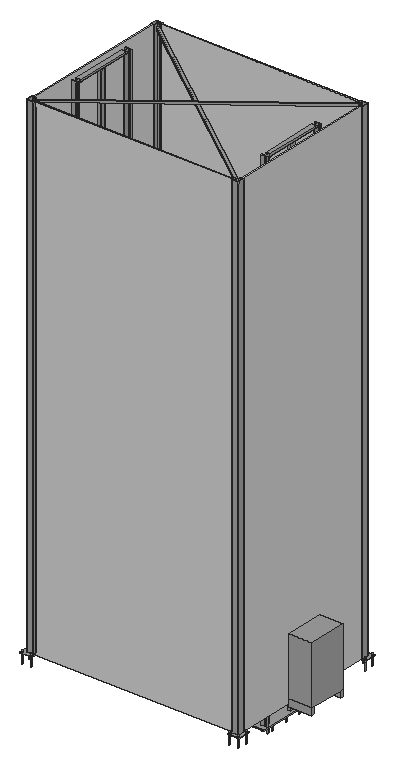
Revit family "1SE_Trez_TC_2C_T_2500_With_Pit", category Specialty Equipment, Revit 2019
Family settings
  Round Connector Dimension = Use Diameter
  Part Type = Normal
  Work Plane-Based = No
  Always vertical = Yes
  Cut with Voids When Loaded = Yes
  Shared = No
  Room Calculation Point = No
Parameters (values of type "Platform-2300x2300mm with Door Height 2500mm")
  Safe Working Load = 2500.00 kg  # constant formula
  Safe Space = if(Cabin or Platform = Cabin, 900.0 mm, if(and(Cabin or Platform = Platform, Door Clear Height > 1900.0 mm), 600.0 mm, 0.0 mm))  # 600.0 mm
  Platform = Speciality_Equipment_Trez_Platform : Platform
  Door Clear Width = Clear Width  # 2300.0 mm
  Door Clear Height = 2500.0 mm
  Clear Width = 2300.0 mm
  URL = "https://trez.bg/en/products/goods-only-lift-tc/tc-2ct-two-cylinders-and-tower/"
  Tower Width = Real Width + 2 * Clearance  # 3250.0 mm
  Tower Depth = Real Depth + 180.0 mm  # 2480.0 mm
  Tower Cladding Material = TREZ_Steel_Cladding
  Real Width = if(Clear Width < 1300.0 mm, 1300.0 mm, if(Clear Width > 2300.0 mm, 2300.0 mm, Clear Width))  # 2300.0 mm
  Real Depth = if(Clear Depth < 1300.0 mm, 1300.0 mm, if(Clear Depth > 2300.0 mm, 2300.0 mm, Clear Depth))  # 2300.0 mm
  Profiles Material = TREZ_Steel_Profiles
  Platform Material = TREZ_Steel_Platform
  Pit Height = 250.0 mm  # constant formula
  Travel = 4500.0 mm
  Rail Height = Travel + Pit Height + Headroom  # 7850.0 mm
  Model = "TC 2C T 2500"
  Manufacturer = "TREZ Ltd."
  Headroom = Door Clear Height + Safe Space  # 3100.0 mm
  Description = "Trez Compact 2 Cylinders Tower. Goods only lift."  # constant formula
  Clear Depth = 2300.0 mm
  Created By URL = "https://all1studio.com/"
  Created By = "All 1 Studio Ltd."
  Clearance = 475.0 mm  # constant formula
  Cabin or Platform Back = yes
  Cabin or Platform = Speciality_Equipment_Trez_Platform : Platform
  Cabin = Speciality_Equipment_Trez_Cabin : Cabin
Reference planes
  plane 1 "Center (Front/Back)": y = 0
  plane 2: z = 0
  plane 3 "Center (Left/Right)": x = 0
  plane 4: x = -1150
  plane 5: x = 1150
  plane 6: y = 1150
  plane 7: y = -1150
  plane 8: x = 1625
  plane 9: y = 1260
  plane 10: x = -1625
  plane 11: y = -1220
  plane 12: x = 1570
  plane 13: x = -1570
  plane 14: y = 1205
  plane 15: y = -1165
  plane 16: z = 4500
  plane 17 "Top of Lift": z = 7600
  plane 18 "Pit": z = -250
  plane 19: x = -1578.5
  plane 20: x = 1578.5
  plane 21: x = 1835
  plane 22: x = -1609.032
  plane 23: x = -1591.032
  plane 24: y = 1244
  plane 25: y = 1226
  plane 26: x = 1609
  plane 27: x = 1591
  plane 28: y = -1204
  plane 29: y = -1186
  plane 30: x = -1685
  plane 31: y = 1320
  plane 32: x = 1685
  plane 33: y = -1280
  plane 34: x = -1438.5
  plane 35: x = 1438.5
  plane 36: z = 7540
  plane 37: z = 40
  plane 38: z = -145
Forms (mm)
  Extrusion 1, solid, material "TREZ_Steel_Cladding" <- "Tower Cladding Material", detail levels coarse+medium
    sketch origin (0, 0, 0) x (1, 0, 0) y (0, 1, 0)
      loop
        line (-1625, 1260) -> (-1625, 1155) -> (-1609.032, 1155) -> (-1609.032, -1115) -> (-1625, -1115) -> (-1625, -1220) -> (-1520, -1220) -> (-1520, -1204) -> (1520, -1204) -> (1520, -1220) -> (1625, -1220) -> (1625, -1115) -> (1609, -1115) -> (1609, 1155) -> (1625, 1155) -> (1625, 1260) -> (1520, 1260) -> (1520, 1244) -> (-1520, 1244) -> (-1520, 1260) -> (-1625, 1260)
      loop
        line (-1570, 1205) -> (-1570, 1155) -> (-1591.032, 1155) -> (-1591.032, -1115) -> (-1570, -1115) -> (-1570, -1165) -> (-1520, -1165) -> (-1520, -1186) -> (1520, -1186) -> (1520, -1165) -> (1570, -1165) -> (1570, -1115) -> (1591, -1115) -> (1591, 1155) -> (1570, 1155) -> (1570, 1205) -> (1520, 1205) -> (1520, 1226) -> (-1520, 1226) -> (-1520, 1205) -> (-1570, 1205)
    from 0 to 7600
  Extrusion 2, void
    sketch origin (0, 0, 0) x (1, 0, 0) y (0, 1, 0)
      loop
        line (-1578.5, 1205) -> (-1578.5, -1165) -> (1578.5, -1165) -> (1578.5, 1205) -> (-1578.5, 1205)
    from 0 to -250
  Extrusion 3, solid, material "TREZ_Steel_Profiles" <- "Profiles Material", detail levels fine
    sketch origin (0, 0, 0) x (1, 0, 0) y (0, 1, 0)
      loop
        line (-1625, 1253) -> (-1625, 1162)
        arc (-1625, 1162) -> (-1622.95, 1157.05) -> (-1618, 1155) r 7
        line (-1618, 1155) -> (-1577, 1155)
        arc (-1577, 1155) -> (-1572.05, 1157.05) -> (-1570, 1162) r 7
        line (-1570, 1162) -> (-1570, 1198)
        arc (-1570, 1198) -> (-1567.95, 1202.95) -> (-1563, 1205) r 7
        line (-1563, 1205) -> (-1527, 1205)
        arc (-1527, 1205) -> (-1522.05, 1207.05) -> (-1520, 1212) r 7
        line (-1520, 1212) -> (-1520, 1253)
        arc (-1520, 1253) -> (-1522.05, 1257.95) -> (-1527, 1260) r 7
        line (-1527, 1260) -> (-1618, 1260)
        arc (-1618, 1260) -> (-1622.95, 1257.95) -> (-1625, 1253) r 7
      loop
        line (1618, 1260) -> (1527, 1260)
        arc (1527, 1260) -> (1522.05, 1257.95) -> (1520, 1253) r 7
        line (1520, 1253) -> (1520, 1212)
        arc (1520, 1212) -> (1522.05, 1207.05) -> (1527, 1205) r 7
        line (1527, 1205) -> (1563, 1205)
        arc (1563, 1205) -> (1567.95, 1202.95) -> (1570, 1198) r 7
        line (1570, 1198) -> (1570, 1162)
        arc (1570, 1162) -> (1572.05, 1157.05) -> (1577, 1155) r 7
        line (1577, 1155) -> (1618, 1155)
        arc (1618, 1155) -> (1622.95, 1157.05) -> (1625, 1162) r 7
        line (1625, 1162) -> (1625, 1253)
        arc (1625, 1253) -> (1622.95, 1257.95) -> (1618, 1260) r 7
      loop
        arc (-1625, -1213) -> (-1622.95, -1217.95) -> (-1618, -1220) r 7
        line (-1618, -1220) -> (-1527, -1220)
        arc (-1527, -1220) -> (-1522.05, -1217.95) -> (-1520, -1213) r 7
        line (-1520, -1213) -> (-1520, -1172)
        arc (-1520, -1172) -> (-1522.05, -1167.05) -> (-1527, -1165) r 7
        line (-1527, -1165) -> (-1563, -1165)
        arc (-1563, -1165) -> (-1567.95, -1162.95) -> (-1570, -1158) r 7
        line (-1570, -1158) -> (-1570, -1122)
        arc (-1570, -1122) -> (-1572.05, -1117.05) -> (-1577, -1115) r 7
        line (-1577, -1115) -> (-1618, -1115)
        arc (-1618, -1115) -> (-1622.95, -1117.05) -> (-1625, -1122) r 7
        line (-1625, -1122) -> (-1625, -1213)
      loop
        arc (1618, -1220) -> (1622.95, -1217.95) -> (1625, -1213) r 7
        line (1625, -1213) -> (1625, -1122)
        arc (1625, -1122) -> (1622.95, -1117.05) -> (1618, -1115) r 7
        line (1618, -1115) -> (1577, -1115)
        arc (1577, -1115) -> (1572.05, -1117.05) -> (1570, -1122) r 7
        line (1570, -1122) -> (1570, -1158)
        arc (1570, -1158) -> (1567.95, -1162.95) -> (1563, -1165) r 7
        line (1563, -1165) -> (1527, -1165)
        arc (1527, -1165) -> (1522.05, -1167.05) -> (1520, -1172) r 7
        line (1520, -1172) -> (1520, -1213)
        arc (1520, -1213) -> (1522.05, -1217.95) -> (1527, -1220) r 7
        line (1527, -1220) -> (1618, -1220)
      loop
        arc (-1523, 1253) -> (-1524.172, 1255.828) -> (-1527, 1257) r 4
        line (-1527, 1257) -> (-1618, 1257)
        arc (-1618, 1257) -> (-1620.828, 1255.828) -> (-1622, 1253) r 4
        line (-1622, 1253) -> (-1622, 1162)
        arc (-1622, 1162) -> (-1620.828, 1159.172) -> (-1618, 1158) r 4
        line (-1618, 1158) -> (-1577, 1158)
        arc (-1577, 1158) -> (-1574.172, 1159.172) -> (-1573, 1162) r 4
        line (-1573, 1162) -> (-1573, 1198)
        arc (-1573, 1198) -> (-1570.071, 1205.071) -> (-1563, 1208) r 10
        line (-1563, 1208) -> (-1527, 1208)
        arc (-1527, 1208) -> (-1524.172, 1209.172) -> (-1523, 1212) r 4
        line (-1523, 1212) -> (-1523, 1253)
      loop
        line (-1523, -1213) -> (-1523, -1172)
        arc (-1523, -1172) -> (-1524.172, -1169.172) -> (-1527, -1168) r 4
        line (-1527, -1168) -> (-1563, -1168)
        arc (-1563, -1168) -> (-1570.071, -1165.071) -> (-1573, -1158) r 10
        line (-1573, -1158) -> (-1573, -1122)
        arc (-1573, -1122) -> (-1574.172, -1119.172) -> (-1577, -1118) r 4
        line (-1577, -1118) -> (-1618, -1118)
        arc (-1618, -1118) -> (-1620.828, -1119.172) -> (-1622, -1122) r 4
        line (-1622, -1122) -> (-1622, -1213)
        arc (-1622, -1213) -> (-1620.828, -1215.828) -> (-1618, -1217) r 4
        line (-1618, -1217) -> (-1527, -1217)
        arc (-1527, -1217) -> (-1524.172, -1215.828) -> (-1523, -1213) r 4
      loop
        line (1622, -1213) -> (1622, -1122)
        arc (1622, -1122) -> (1620.828, -1119.172) -> (1618, -1118) r 4
        line (1618, -1118) -> (1577, -1118)
        arc (1577, -1118) -> (1574.172, -1119.172) -> (1573, -1122) r 4
        line (1573, -1122) -> (1573, -1158)
        arc (1573, -1158) -> (1570.071, -1165.071) -> (1563, -1168) r 10
        line (1563, -1168) -> (1527, -1168)
        arc (1527, -1168) -> (1524.172, -1169.172) -> (1523, -1172) r 4
        line (1523, -1172) -> (1523, -1213)
        arc (1523, -1213) -> (1524.172, -1215.828) -> (1527, -1217) r 4
        line (1527, -1217) -> (1618, -1217)
        arc (1618, -1217) -> (1620.828, -1215.828) -> (1622, -1213) r 4
      loop
        arc (1622, 1253) -> (1620.828, 1255.828) -> (1618, 1257) r 4
        line (1618, 1257) -> (1527, 1257)
        arc (1527, 1257) -> (1524.172, 1255.828) -> (1523, 1253) r 4
        line (1523, 1253) -> (1523, 1212)
        arc (1523, 1212) -> (1524.172, 1209.172) -> (1527, 1208) r 4
        line (1527, 1208) -> (1563, 1208)
        arc (1563, 1208) -> (1570.071, 1205.071) -> (1573, 1198) r 10
        line (1573, 1198) -> (1573, 1162)
        arc (1573, 1162) -> (1574.172, 1159.172) -> (1577, 1158) r 4
        line (1577, 1158) -> (1618, 1158)
        arc (1618, 1158) -> (1620.828, 1159.172) -> (1622, 1162) r 4
        line (1622, 1162) -> (1622, 1253)
    from 5 to 7600
  Extrusion 4, solid, material "TREZ_Steel_Cladding" <- "Tower Cladding Material", detail levels fine
    sketch origin (0, 0, 0) x (1, 0, 0) y (0, 1, 0)
      loop
        line (1609, 1155) -> (1591, 1155) -> (1591, -1115) -> (1609, -1115) -> (1609, 1155)
      loop
        line (1520, 1244) -> (-1520, 1244) -> (-1520, 1226) -> (1520, 1226) -> (1520, 1244)
      loop
        line (1520, -1186) -> (-1520, -1186) -> (-1520, -1204) -> (1520, -1204) -> (1520, -1186)
      loop
        line (-1591.032, -1115) -> (-1591.032, 1155) -> (-1609.032, 1155) -> (-1609.032, -1115) -> (-1591.032, -1115)
    from 0 to 7600
  Extrusion 5, solid, material "TREZ_Steel_Profiles" <- "Profiles Material", detail levels fine
    sketch origin (0, 0, 0) x (1, 0, 0) y (0, 1, 0)
      loop
        arc (1507, 1320) -> (1502.05, 1317.95) -> (1500, 1313) r 7
        line (1500, 1313) -> (1500, 1260) -> (1520, 1260) -> (1520, 1205) -> (1570, 1205) -> (1570, 1155) -> (1625, 1155) -> (1625, 1135) -> (1678, 1135)
        arc (1678, 1135) -> (1682.95, 1137.05) -> (1685, 1142) r 7
        line (1685, 1142) -> (1685, 1313)
        arc (1685, 1313) -> (1682.95, 1317.95) -> (1678, 1320) r 7
        line (1678, 1320) -> (1507, 1320)
      loop
        line (-1507, 1320) -> (-1678, 1320)
        arc (-1678, 1320) -> (-1682.95, 1317.95) -> (-1685, 1313) r 7
        line (-1685, 1313) -> (-1685, 1142)
        arc (-1685, 1142) -> (-1682.95, 1137.05) -> (-1678, 1135) r 7
        line (-1678, 1135) -> (-1625, 1135) -> (-1625, 1155) -> (-1570, 1155) -> (-1570, 1205) -> (-1520, 1205) -> (-1520, 1260) -> (-1500, 1260) -> (-1500, 1313)
        arc (-1500, 1313) -> (-1502.05, 1317.95) -> (-1507, 1320) r 7
      loop
        line (1507, -1280) -> (1678, -1280)
        arc (1678, -1280) -> (1682.95, -1277.95) -> (1685, -1273) r 7
        line (1685, -1273) -> (1685, -1102)
        arc (1685, -1102) -> (1682.95, -1097.05) -> (1678, -1095) r 7
        line (1678, -1095) -> (1625, -1095) -> (1625, -1115) -> (1570, -1115) -> (1570, -1165) -> (1520, -1165) -> (1520, -1220) -> (1500, -1220) -> (1500, -1273)
        arc (1500, -1273) -> (1502.05, -1277.95) -> (1507, -1280) r 7
      loop
        arc (-1507, -1280) -> (-1502.05, -1277.95) -> (-1500, -1273) r 7
        line (-1500, -1273) -> (-1500, -1220) -> (-1520, -1220) -> (-1520, -1165) -> (-1570, -1165) -> (-1570, -1115) -> (-1625, -1115) -> (-1625, -1095) -> (-1678, -1095)
        arc (-1678, -1095) -> (-1682.95, -1097.05) -> (-1685, -1102) r 7
        line (-1685, -1102) -> (-1685, -1273)
        arc (-1685, -1273) -> (-1682.95, -1277.95) -> (-1678, -1280) r 7
        line (-1678, -1280) -> (-1507, -1280)
    from 5 to 0
  Sweep 6, solid, material "TREZ_Steel_Profiles" <- "Profiles Material", detail levels fine
    path origin (0, 0, 7600) x (-1, 0, 0) y (0, -1, 0)
      loop
        line (1570, 1165) -> (-1570, -1205)
    profile origin (0, 20, 7600) x (-0.602437, 0.798166, 0) y (0, 0, 1)
      loop
        line (15, 0) -> (-15, 0) -> (-15, -30) -> (15, -30) -> (15, 0)
  Sweep 7, solid, material "TREZ_Steel_Profiles" <- "Profiles Material", detail levels fine
    path origin (0, 0, 7600) x (-1, 0, 0) y (0, -1, 0)
      loop
        line (1570, -1205) -> (-1570, 1165)
    profile origin (0, 20, 7600) x (0.602437, 0.798166, 0) y (0, 0, 1)
      loop
        line (-15, -60) -> (15, -60) -> (15, -30) -> (-15, -30) -> (-15, -60)
  Extrusion 8, void
    sketch origin (0, 0, 7600) x (-1, 0, 0) y (0, -1, 0)
      loop
        arc (1577, -1155) -> (1572.05, -1157.05) -> (1570, -1162) r 7
        line (1570, -1162) -> (1570, -1198)
        arc (1570, -1198) -> (1567.95, -1202.95) -> (1563, -1205) r 7
        line (1563, -1205) -> (1527, -1205)
        arc (1527, -1205) -> (1522.05, -1207.05) -> (1520, -1212) r 7
        line (1520, -1212) -> (1520, -1253)
        arc (1520, -1253) -> (1522.05, -1257.95) -> (1527, -1260) r 7
        line (1527, -1260) -> (1618, -1260)
        arc (1618, -1260) -> (1622.95, -1257.95) -> (1625, -1253) r 7
        line (1625, -1253) -> (1625, -1162)
        arc (1625, -1162) -> (1622.95, -1157.05) -> (1618, -1155) r 7
        line (1618, -1155) -> (1577, -1155)
      loop
        arc (-1520, -1212) -> (-1522.05, -1207.05) -> (-1527, -1205) r 7
        line (-1527, -1205) -> (-1563, -1205)
        arc (-1563, -1205) -> (-1567.95, -1202.95) -> (-1570, -1198) r 7
        line (-1570, -1198) -> (-1570, -1162)
        arc (-1570, -1162) -> (-1572.05, -1157.05) -> (-1577, -1155) r 7
        line (-1577, -1155) -> (-1618, -1155)
        arc (-1618, -1155) -> (-1622.95, -1157.05) -> (-1625, -1162) r 7
        line (-1625, -1162) -> (-1625, -1253)
        arc (-1625, -1253) -> (-1622.95, -1257.95) -> (-1618, -1260) r 7
        line (-1618, -1260) -> (-1527, -1260)
        arc (-1527, -1260) -> (-1522.05, -1257.95) -> (-1520, -1253) r 7
        line (-1520, -1253) -> (-1520, -1212)
      loop
        arc (-1577, 1115) -> (-1572.05, 1117.05) -> (-1570, 1122) r 7
        line (-1570, 1122) -> (-1570, 1158)
        arc (-1570, 1158) -> (-1567.95, 1162.95) -> (-1563, 1165) r 7
        line (-1563, 1165) -> (-1527, 1165)
        arc (-1527, 1165) -> (-1522.05, 1167.05) -> (-1520, 1172) r 7
        line (-1520, 1172) -> (-1520, 1213)
        arc (-1520, 1213) -> (-1522.05, 1217.95) -> (-1527, 1220) r 7
        line (-1527, 1220) -> (-1618, 1220)
        arc (-1618, 1220) -> (-1622.95, 1217.95) -> (-1625, 1213) r 7
        line (-1625, 1213) -> (-1625, 1122)
        arc (-1625, 1122) -> (-1622.95, 1117.05) -> (-1618, 1115) r 7
        line (-1618, 1115) -> (-1577, 1115)
      loop
        arc (1570, 1122) -> (1572.05, 1117.05) -> (1577, 1115) r 7
        line (1577, 1115) -> (1618, 1115)
        arc (1618, 1115) -> (1622.95, 1117.05) -> (1625, 1122) r 7
        line (1625, 1122) -> (1625, 1213)
        arc (1625, 1213) -> (1622.95, 1217.95) -> (1618, 1220) r 7
        line (1618, 1220) -> (1527, 1220)
        arc (1527, 1220) -> (1522.05, 1217.95) -> (1520, 1213) r 7
        line (1520, 1213) -> (1520, 1172)
        arc (1520, 1172) -> (1522.05, 1167.05) -> (1527, 1165) r 7
        line (1527, 1165) -> (1563, 1165)
        arc (1563, 1165) -> (1567.95, 1162.95) -> (1570, 1158) r 7
        line (1570, 1158) -> (1570, 1122)
    from -60 to 0
  Extrusion 9, solid, material "TREZ_Steel_Profiles" <- "Profiles Material", detail levels fine
    sketch origin (0, 0, 0) x (1, 0, 0) y (0, 1, 0)
      loop
        circle (-1660.697, 1304.303) r 6
      loop
        circle (-1515.697, 1304.303) r 6
      loop
        circle (-1660.697, 1159.303) r 6
      loop
        circle (1660.697, 1304.303) r 6
      loop
        circle (1515.697, 1304.303) r 6
      loop
        circle (1660.697, 1159.303) r 6
      loop
        circle (-1660.697, -1264.303) r 6
      loop
        circle (-1515.697, -1264.303) r 6
      loop
        circle (-1660.697, -1119.303) r 6
      loop
        circle (1660.697, -1264.303) r 6
      loop
        circle (1515.697, -1264.303) r 6
      loop
        circle (1660.697, -1119.303) r 6
    from -145 to 40
Cuts and joins
  Extrusion 2 cuts Extrusion 1
  Extrusion 8 cuts Sweep 6
  Extrusion 8 cuts Sweep 7
  joined: Extrusion 5, Extrusion 9
Lines and regions (mm)
  symbolic lines, style "Profiles"
    curve 1: line (-1625, 1260, 0) -> (-1520, 1260, 0)
    curve 2: line (-1520, 1260, 0) -> (-1520, 1205, 0)
    curve 3: line (-1520, 1205, 0) -> (-1570, 1205, 0)
    curve 4: line (-1570, 1205, 0) -> (-1570, 1155, 0)
    curve 5: line (-1570, 1155, 0) -> (-1625, 1155, 0)
    curve 6: line (-1625, 1155, 0) -> (-1625, 1260, 0)
    curve 7: line (1520, 1260, 0) -> (1625, 1260, 0)
    curve 8: line (1625, 1260, 0) -> (1625, 1155, 0)
    curve 9: line (1625, 1155, 0) -> (1570, 1155, 0)
    curve 10: line (1570, 1155, 0) -> (1570, 1205, 0)
    curve 11: line (1570, 1205, 0) -> (1520, 1205, 0)
    curve 12: line (1520, 1205, 0) -> (1520, 1260, 0)
    curve 13: line (-1625, -1115, 0) -> (-1570, -1115, 0)
    curve 14: line (-1570, -1115, 0) -> (-1570, -1165, 0)
    curve 15: line (-1570, -1165, 0) -> (-1520, -1165, 0)
    curve 16: line (-1520, -1165, 0) -> (-1520, -1220, 0)
    curve 17: line (-1520, -1220, 0) -> (-1625, -1220, 0)
    curve 18: line (-1625, -1220, 0) -> (-1625, -1115, 0)
    curve 19: line (1520, -1165, 0) -> (1570, -1165, 0)
    curve 20: line (1570, -1165, 0) -> (1570, -1115, 0)
    curve 21: line (1570, -1115, 0) -> (1625, -1115, 0)
    curve 22: line (1625, -1115, 0) -> (1625, -1220, 0)
    curve 23: line (1625, -1220, 0) -> (1520, -1220, 0)
    curve 24: line (1520, -1165, 0) -> (1520, -1220, 0)
    curve 25: line (1609, 1155, 0) -> (1591, 1155, 0)
    curve 26: line (1609, -1115, 0) -> (1609, 1155, 0)
    curve 27: line (1591, -1115, 0) -> (1609, -1115, 0)
    curve 28: line (1591, 1155, 0) -> (1591, -1115, 0)
    curve 29: line (1520, -1186, 0) -> (-1520, -1186, 0)
    curve 30: line (1520, -1204, 0) -> (1520, -1186, 0)
    curve 31: line (-1520, -1204, 0) -> (1520, -1204, 0)
    curve 32: line (-1520, -1186, 0) -> (-1520, -1204, 0)
    curve 33: line (-1591.032, -1115, 0) -> (-1609.032, -1115, 0)
    curve 34: line (-1591.032, 1155, 0) -> (-1591.032, -1115, 0)
    curve 35: line (-1609.032, 1155, 0) -> (-1591.032, 1155, 0)
    curve 36: line (-1609.032, -1115, 0) -> (-1609.032, 1155, 0)
    curve 37: line (-1520, 1226, 0) -> (1520, 1226, 0)
    curve 38: line (-1520, 1244, 0) -> (-1520, 1226, 0)
    curve 39: line (1520, 1244, 0) -> (-1520, 1244, 0)
    curve 40: line (1520, 1226, 0) -> (1520, 1244, 0)
  symbolic lines, style "Platform"
    curve 41: line (-1150, 1150, 0) -> (1150, 1150, 0)
    curve 42: line (-1150, -1150, 0) -> (-1150, 1150, 0)
    curve 43: line (1150, -1150, 0) -> (-1150, -1150, 0)
    curve 44: line (1150, 1150, 0) -> (1150, -1150, 0)
    curve 45: line (-1150, 1150, 0) -> (1150, -1150, 0)
    curve 46: line (1150, 1150, 0) -> (-1150, -1150, 0)
  model lines, style "Profiles", detail levels coarse+medium
    curve 47: line (-1570, 1205, 7600) -> (1570, -1165, 7600)
    curve 48: line (1570, 1205, 7600) -> (-1570, -1165, 7600)
Dimensions and locks
  equal spacing: plane 4, plane 3 "Center (Left/Right)", plane 5
  "Real Width": plane 4 to plane 5
  equal spacing: plane 7, plane 1 "Center (Front/Back)", plane 6
  "Real Depth": plane 7 to plane 6
  locked: plane 6 to plane 9 at 110
  locked: plane 7 to plane 11 at 70
  locked: plane 12 to plane 8 at 55
  locked: plane 10 to plane 13 at 55
  locked: plane 14 to plane 9 at 55
  locked: plane 15 to plane 11 at 55
  "Travel": plane 16 to level
  "Pit Height": level to plane 18 "Pit"
  "Clearance": plane 5 to plane 8
  "Clearance": plane 10 to plane 4
  locked: plane 8 to plane 21 at 210
  locked: plane 10 to plane 19 at 46.5
  locked: plane 20 to plane 8 at 46.5
  plane 10 to plane 22 to plane 23 = 15.968 mm locked, 18.0 mm locked
  plane 25 to plane 24 to plane 9 = 18.0 mm locked, 16.0 mm locked
  plane 27 to plane 26 to plane 8 = 18.0 mm locked, 16.0 mm locked
  plane 29 to plane 28 to plane 11 = 18.0 mm locked, 16.0 mm locked
  locked: plane 30 to plane 10 at 60
  locked: plane 9 to plane 31 at 60
  locked: plane 8 to plane 32 at 60
  locked: plane 11 to plane 33 at 60
  locked: plane 10 to plane 34 at 186.5
  locked: plane 35 to plane 8 at 186.5
  "Headroom": plane 17 "Top of Lift" to plane 16
  locked: plane 17 "Top of Lift" to plane 36 at 60
  locked: plane 37 to level at 40
  locked: level to plane 38 at 145
  aligned and locked: level to plane 2
  aligned and locked: plane 9 to Extrusion 1 sketch curve
  aligned and locked: plane 10 to Extrusion 1 sketch curve
  aligned and locked: plane 11 to Extrusion 1 sketch curve
  aligned and locked: plane 8 to Extrusion 1 sketch curve
  aligned and locked: plane 14 to Extrusion 1 sketch curve
  aligned and locked: plane 13 to Extrusion 1 sketch curve
  aligned and locked: plane 15 to Extrusion 1 sketch curve
  aligned and locked: plane 12 to Extrusion 1 sketch curve
  aligned and locked: plane 17 "Top of Lift" to Extrusion 1
  aligned and locked: plane 20 to Extrusion 2 sketch curve
  aligned and locked: plane 15 to Extrusion 2 sketch curve
  aligned and locked: plane 14 to Extrusion 2 sketch curve
  aligned and locked: plane 19 to Extrusion 2 sketch curve
  aligned and locked: Extrusion 2 to plane 18 "Pit"
  aligned and locked: plane 1 "Center (Front/Back)" to nested 1
  aligned and locked: plane 3 "Center (Left/Right)" to nested 1
  aligned and locked: nested 2 to plane 21
  aligned and locked: Extrusion 3 sketch curve to plane 10
  aligned and locked: Extrusion 3 sketch curve to plane 9  (x2)
  aligned and locked: Extrusion 3 sketch curve to plane 13
  aligned and locked: Extrusion 3 sketch curve to plane 14  (x2)
  aligned and locked: plane 8 to Extrusion 3 sketch curve
  aligned and locked: plane 17 "Top of Lift" to Extrusion 3
  aligned and locked: Extrusion 4 sketch curve to Extrusion 3  (x6)
  aligned and locked: Extrusion 4 sketch curve to plane 26
  aligned and locked: plane 27 to Extrusion 4 sketch curve
  aligned and locked: Extrusion 4 sketch curve to plane 24
  aligned and locked: plane 25 to Extrusion 4 sketch curve
  aligned and locked: plane 29 to Extrusion 4 sketch curve
  aligned and locked: Extrusion 4 sketch curve to plane 28
  aligned and locked: Extrusion 3 to Extrusion 4 sketch curve  (x2)
  aligned and locked: Extrusion 4 sketch curve to plane 23
  aligned and locked: plane 22 to Extrusion 4 sketch curve
  aligned and locked: plane 17 "Top of Lift" to Extrusion 4
  aligned and locked: plane 34 to nested 3
  aligned and locked: nested 4 to plane 35
  aligned and locked: nested 3 to plane 18 "Pit"
  aligned and locked: plane 18 "Pit" to nested 4
  aligned and locked: plane 1 "Center (Front/Back)" to nested 3
  aligned and locked: nested 4 to plane 1 "Center (Front/Back)"
  aligned and locked: plane 14 to Sweep 6 sketch curve
  aligned and locked: plane 12 to Sweep 6 sketch curve
  aligned and locked: plane 13 to Sweep 6 sketch curve
  aligned and locked: plane 15 to Sweep 6 sketch curve
  aligned and locked: plane 12 to Sweep 7 sketch curve
  aligned and locked: plane 15 to Sweep 7 sketch curve
  aligned and locked: plane 14 to Sweep 7 sketch curve
  aligned and locked: plane 13 to Sweep 7 sketch curve
  aligned and locked: plane 36 to Extrusion 8
  aligned and locked: plane 17 "Top of Lift" to Extrusion 8
  aligned and locked: Extrusion 9 to plane 38
  aligned and locked: plane 37 to Extrusion 9
  aligned and locked: plane 16 to nested 1
Automatic sketch dimensions
  Extrusion 1 sketch curve to plane 10 = 0.0 mm
  Extrusion 1 sketch curve to plane 22 = 0.0 mm
  Extrusion 1 sketch curve to plane 23 = 0.0 mm
  Extrusion 1 sketch curve to plane 13 = 0.0 mm
  Extrusion 1 sketch curve to plane 29 = 0.0 mm
  Extrusion 1 sketch curve to plane 15 = 0.0 mm
  Extrusion 1 sketch curve to plane 28 = 0.0 mm
  Extrusion 1 sketch curve to plane 11 = 0.0 mm
  plane 25 to Extrusion 1 sketch curve = 0.0 mm
  plane 24 to Extrusion 1 sketch curve = 0.0 mm
  plane 9 to Extrusion 1 sketch curve = 0.0 mm
  plane 14 to Extrusion 1 sketch curve = 0.0 mm
  Extrusion 1 sketch curve to plane 12 = 0.0 mm
  Extrusion 1 sketch curve to plane 27 = 0.0 mm
  Extrusion 1 sketch curve to plane 26 = 0.0 mm
  Extrusion 1 sketch curve to plane 8 = 0.0 mm
  plane 13 to Extrusion 1 sketch curve = 50.0 mm  (x2)
  Extrusion 1 sketch curve to Extrusion 1 sketch curve = 0.0 mm  (x5)
  plane 12 to Extrusion 1 sketch curve = 50.0 mm  (x2)
  plane 7 to Extrusion 1 sketch curve = 35.0 mm  (x3)
  Extrusion 1 sketch curve to plane 6 = 5.0 mm  (x4)
  Extrusion 3 sketch curve to Extrusion 3 sketch curve = 0.0 mm  (x48)
  Extrusion 3 sketch curve to plane 10 = 0.0 mm
  Extrusion 3 sketch curve to plane 11 = 0.0 mm  (x2)
  Extrusion 3 sketch curve to plane 13 = 0.0 mm
  Extrusion 3 sketch curve to plane 15 = 0.0 mm  (x2)
  Extrusion 3 sketch curve to plane 12 = 0.0 mm  (x2)
  Extrusion 3 sketch curve to plane 8 = 0.0 mm
  Extrusion 3 sketch curve to Extrusion 3 sketch curve = 3.0 mm  (x4)
  Extrusion 3 sketch curve to Extrusion 3 sketch curve = 4.0 mm  (x9)
  plane 10 to Extrusion 3 sketch curve = 7.0 mm
  plane 19 to Extrusion 3 sketch curve = 1.5 mm  (x2)
  plane 13 to Extrusion 3 sketch curve = 7.0 mm  (x2)
  Extrusion 3 sketch curve to plane 15 = 7.0 mm  (x2)
  Extrusion 3 sketch curve to Extrusion 3 sketch curve = 36.0 mm  (x2)
  Extrusion 3 sketch curve to plane 14 = 7.0 mm
  plane 9 to Extrusion 3 sketch curve = 7.0 mm
  plane 12 to Extrusion 3 sketch curve = 50.0 mm  (x2)
  Extrusion 3 sketch curve to Extrusion 3 sketch curve = 7.0 mm
  plane 12 to Extrusion 3 sketch curve = 7.0 mm
  plane 20 to Extrusion 3 sketch curve = 1.5 mm  (x2)
  plane 8 to Extrusion 3 sketch curve = 7.0 mm  (x2)
  Extrusion 3 sketch curve to plane 6 = 5.0 mm  (x2)
  plane 7 to Extrusion 3 sketch curve = 28.0 mm  (x2)
  Extrusion 5 sketch curve to plane 30 = 0.0 mm  (x2)
  plane 31 to Extrusion 5 sketch curve = 0.0 mm  (x2)
  Extrusion 5 sketch curve to plane 33 = 0.0 mm  (x2)
  Extrusion 5 sketch curve to plane 10 = 0.0 mm  (x2)
  Extrusion 5 sketch curve to plane 13 = 0.0 mm  (x2)
  plane 9 to Extrusion 5 sketch curve = 0.0 mm  (x2)
  Extrusion 5 sketch curve to plane 11 = 0.0 mm  (x2)
  Extrusion 5 sketch curve to plane 15 = 0.0 mm  (x2)
  plane 14 to Extrusion 5 sketch curve = 0.0 mm  (x2)
  Extrusion 5 sketch curve to plane 12 = 0.0 mm  (x2)
  Extrusion 5 sketch curve to plane 8 = 0.0 mm  (x2)
  Extrusion 5 sketch curve to plane 32 = 0.0 mm  (x2)
  plane 30 to Extrusion 5 sketch curve = 7.0 mm  (x4)
  plane 13 to Extrusion 5 sketch curve = 50.0 mm  (x2)
  Extrusion 5 sketch curve to Extrusion 5 sketch curve = 13.0 mm  (x2)
  plane 31 to Extrusion 5 sketch curve = 7.0 mm
  Extrusion 5 sketch curve to Extrusion 5 sketch curve = 20.0 mm  (x2)
  Extrusion 5 sketch curve to plane 35 = 61.5 mm  (x2)
  Extrusion 5 sketch curve to Extrusion 5 sketch curve = 7.0 mm  (x3)
  Extrusion 5 sketch curve to Extrusion 5 sketch curve = 50.0 mm
  plane 32 to Extrusion 5 sketch curve = 7.0 mm  (x3)
  plane 7 to Extrusion 5 sketch curve = 35.0 mm  (x2)
  plane 7 to Extrusion 5 sketch curve = 48.0 mm  (x2)
  plane 6 to Extrusion 5 sketch curve = 15.0 mm  (x2)
  Extrusion 5 sketch curve to plane 6 = 5.0 mm  (x2)
  profile plane to Sweep 6 sketch curve = 15.0 mm
  Sweep 6 sketch curve to Sweep 6 sketch curve = 30.0 mm
  Sweep 6 sketch curve to profile plane = 15.0 mm
  plane 17 "Top of Lift" to Sweep 6 sketch curve = 0.0 mm
  profile plane to Sweep 7 sketch curve = 15.0 mm
  Sweep 7 sketch curve to profile plane = 15.0 mm
  Sweep 7 sketch curve to plane 17 "Top of Lift" = 60.0 mm
  Sweep 7 sketch curve to Sweep 7 sketch curve = 30.0 mm
  plane 9 to Extrusion 8 sketch curve = 0.0 mm  (x2)
  plane 14 to Extrusion 8 sketch curve = 0.0 mm  (x2)
  Extrusion 8 sketch curve to plane 13 = 0.0 mm  (x2)
  Extrusion 8 sketch curve to plane 10 = 0.0 mm  (x2)
  Extrusion 8 sketch curve to Extrusion 8 sketch curve = 7.0 mm  (x9)
  plane 13 to Extrusion 8 sketch curve = 43.0 mm
  Extrusion 8 sketch curve to Extrusion 8 sketch curve = 36.0 mm  (x2)
  plane 19 to Extrusion 8 sketch curve = 1.5 mm  (x2)
  plane 10 to Extrusion 8 sketch curve = 7.0 mm
  Extrusion 8 sketch curve to plane 6 = 12.0 mm
  Extrusion 8 sketch curve to plane 8 = 0.0 mm  (x2)
  Extrusion 8 sketch curve to plane 12 = 0.0 mm  (x2)
  Extrusion 8 sketch curve to plane 6 = 5.0 mm
  plane 8 to Extrusion 8 sketch curve = 7.0 mm  (x3)
  plane 20 to Extrusion 8 sketch curve = 1.5 mm  (x2)
  Extrusion 8 sketch curve to plane 14 = 7.0 mm
  Extrusion 8 sketch curve to plane 11 = 0.0 mm  (x2)
  Extrusion 8 sketch curve to plane 15 = 0.0 mm  (x2)
  plane 12 to Extrusion 8 sketch curve = 7.0 mm
  plane 11 to Extrusion 8 sketch curve = 7.0 mm  (x2)
  plane 12 to Extrusion 8 sketch curve = 43.0 mm
  Extrusion 8 sketch curve to plane 15 = 7.0 mm
  plane 7 to Extrusion 8 sketch curve = 35.0 mm  (x2)
  plane 13 to Extrusion 8 sketch curve = 50.0 mm
  plane 13 to Extrusion 8 sketch curve = 7.0 mm
  curve 47 to plane 12 = 0.0 mm
  curve 48 to plane 12 = 0.0 mm
  curve 48 to plane 13 = 0.0 mm
  curve 47 to plane 13 = 0.0 mm
  plane 14 to curve 48 = 0.0 mm
  plane 14 to curve 47 = 0.0 mm
  curve 48 to plane 15 = 0.0 mm
  curve 47 to plane 15 = 0.0 mm
  plane 9 to curve 1 = 0.0 mm
  curve 1 to plane 10 = 0.0 mm
  curve 18 to plane 10 = 0.0 mm
  curve 36 to plane 22 = 0.0 mm
  curve 35 to plane 23 = 0.0 mm
  curve 4 to plane 13 = 0.0 mm
  curve 15 to plane 13 = 0.0 mm
  plane 25 to curve 37 = 0.0 mm
  curve 15 to plane 15 = 0.0 mm
  curve 16 to plane 11 = 0.0 mm
  plane 24 to curve 38 = 0.0 mm
  curve 32 to plane 28 = 0.0 mm
  curve 32 to plane 29 = 0.0 mm
  plane 14 to curve 2 = 0.0 mm
  curve 42 to plane 4 = 0.0 mm
  curve 44 to plane 5 = 0.0 mm
  curve 24 to plane 11 = 0.0 mm
  curve 24 to plane 15 = 0.0 mm
  plane 14 to curve 11 = 0.0 mm
  plane 9 to curve 7 = 0.0 mm
  curve 19 to plane 12 = 0.0 mm
  curve 11 to plane 12 = 0.0 mm
  curve 25 to plane 27 = 0.0 mm
  curve 27 to plane 26 = 0.0 mm
  curve 22 to plane 8 = 0.0 mm
  curve 9 to plane 8 = 0.0 mm
  curve 43 to plane 7 = 0.0 mm
  plane 6 to curve 44 = 0.0 mm
  plane 13 to curve 37 = 50.0 mm
  plane 13 to curve 15 = 50.0 mm
  curve 32 to curve 16 = 0.0 mm
  curve 2 to curve 37 = 0.0 mm
  plane 12 to curve 29 = 50.0 mm
  curve 24 to curve 30 = 0.0 mm
  plane 12 to curve 39 = 50.0 mm
  curve 11 to curve 37 = 0.0 mm
  plane 7 to curve 14 = 35.0 mm
  curve 33 to curve 13 = 0.0 mm
  plane 7 to curve 28 = 35.0 mm
  curve 20 to curve 27 = 0.0 mm
  curve 10 to plane 6 = 5.0 mm
  curve 28 to plane 6 = 5.0 mm
  curve 35 to plane 6 = 5.0 mm
  curve 6 to plane 6 = 5.0 mm
  plane 30 to Extrusion 9 sketch curve = 24.303 mm  (x4)
  Extrusion 9 sketch curve to plane 6 = 9.303 mm  (x2)
  plane 31 to Extrusion 9 sketch curve = 15.697 mm  (x4)
  plane 13 to Extrusion 9 sketch curve = 54.303 mm  (x2)
  plane 33 to Extrusion 9 sketch curve = 15.697 mm  (x4)
  plane 12 to Extrusion 9 sketch curve = 54.303 mm  (x2)
  plane 32 to Extrusion 9 sketch curve = 24.303 mm  (x4)
  plane 7 to Extrusion 9 sketch curve = 30.697 mm  (x2)
  radius of Extrusion 9 sketch curve = 6.0 mm  (x12)
Nested families
  nested 1: "Speciality_Equipment_Trez_Platform" at (0, 0, 4500), type <- "Cabin or Platform", type "Platform"
    with Width 2300.0 mm, Depth 2300.0 mm
  nested 2: "Electrical_Equpment_Trez_Cabinet" at (1835, 0, 0) x (0, 1, 0) z (0, 0, 1), type "Cabinet"
  nested 3: "Generic_Model_Trez_Rails" at (-1438.5, 0, -250), type "Rails"
    with Height 7850.0 mm
  nested 4: "Generic_Model_Trez_Rails" at (1438.5, 0, -250) x (-1, 0, 0) z (0, 0, 1), type "Rails"
    with Height 7850.0 mm
Definition of nested family "Speciality_Equipment_Trez_Platform"
  Parameters (values of type "Speciality_Equipment_Trez_Platform")
    Width = 3600.0 mm
    Platform Material = none
    Depth = 2900.0 mm
    Back Board = yes
  Reference planes
    plane 1 "Center (Front/Back)": y = 0
    plane 2 "Bottom": z = 0
    plane 3 "Center (Left/Right)": x = 0
    plane 4: x = 1800
    plane 5: x = -1800
    plane 6: y = 1450
    plane 7: y = -1450
    plane 8: x = -1889
    plane 9: x = 1889
    plane 10: y = 1485
    plane 11: z = -89
    plane 12: z = 709
  Forms (mm)
    Extrusion 1, solid, material <- "Platform Material", visible <- "Back Board"
      sketch origin (0, 0, 0) x (1, 0, 0) y (0, 1, 0)
        loop
          line (-1889, 1485) -> (-1889, 1450) -> (1889, 1450) -> (1889, 1485) -> (-1889, 1485)
      from 0 to 709
    Extrusion 2, solid, material <- "Platform Material", detail levels coarse+medium
      sketch origin (0, 0, 0) x (1, 0, 0) y (0, 0, 1)
        loop
          line (-1800, 709) -> (-1889, 709) -> (-1889, -89) -> (1889, -89) -> (1889, 709) -> (1800, 709) -> (1800, 0) -> (-1800, 0) -> (-1800, 709)
      from -1450 to 1450
    Extrusion 3, solid, material <- "Platform Material", detail levels fine
      sketch origin (0, 0, 0) x (1, 0, 0) y (0, 0, 1)
        loop
          arc (-1874, 709) -> (-1884.607, 704.607) -> (-1889, 694) r 15
          line (-1889, 694) -> (-1889, -74)
          arc (-1889, -74) -> (-1884.607, -84.607) -> (-1874, -89) r 15
          line (-1874, -89) -> (1874, -89)
          arc (1874, -89) -> (1884.607, -84.607) -> (1889, -74) r 15
          line (1889, -74) -> (1889, 694)
          arc (1889, 694) -> (1884.607, 704.607) -> (1874, 709) r 15
          line (1874, 709) -> (1815, 709)
          arc (1815, 709) -> (1804.393, 704.607) -> (1800, 694) r 15
          line (1800, 694) -> (1800, 15)
          arc (1800, 15) -> (1795.607, 4.393) -> (1785, 0) r 15
          line (1785, 0) -> (-1785, 0)
          arc (-1785, 0) -> (-1795.607, 4.393) -> (-1800, 15) r 15
          line (-1800, 15) -> (-1800, 694)
          arc (-1800, 694) -> (-1804.393, 704.607) -> (-1815, 709) r 15
          line (-1815, 709) -> (-1874, 709)
      from -1450 to 1450
  Dimensions and locks
    equal spacing: plane 5, plane 3 "Center (Left/Right)", plane 4
    "Width": plane 5 to plane 4
    equal spacing: plane 7, plane 1 "Center (Front/Back)", plane 6
    "Depth": plane 6 to plane 7
    locked: plane 8 to plane 5 at 89
    locked: plane 4 to plane 9 at 89
    locked: plane 10 to plane 6 at 35
    locked: plane 2 "Bottom" to plane 11 at 89
    locked: plane 12 to plane 2 "Bottom" at 709
    aligned and locked: level to plane 2 "Bottom"
    aligned and locked: Extrusion 1 sketch curve to plane 10
    aligned and locked: plane 8 to Extrusion 1 sketch curve
    aligned and locked: plane 5 to Extrusion 2 sketch curve
    aligned and locked: plane 8 to Extrusion 2 sketch curve
    aligned and locked: Extrusion 2 sketch curve to plane 9
    aligned and locked: Extrusion 2 sketch curve to plane 4
    aligned and locked: Extrusion 2 sketch curve to plane 2 "Bottom"
    aligned and locked: Extrusion 2 sketch curve to plane 11
    aligned and locked: Extrusion 2 sketch curve to plane 12
    aligned and locked: Extrusion 2 to plane 6
    aligned and locked: Extrusion 2 to plane 7
    aligned and locked: Extrusion 3 sketch curve to plane 12
    aligned and locked: plane 8 to Extrusion 3 sketch curve
    aligned and locked: plane 5 to Extrusion 3 sketch curve
    aligned and locked: Extrusion 3 sketch curve to plane 4
    aligned and locked: Extrusion 3 sketch curve to plane 9
    aligned and locked: Extrusion 3 sketch curve to plane 2 "Bottom"
    aligned and locked: Extrusion 3 sketch curve to plane 11
    aligned and locked: Extrusion 3 to plane 7
    aligned and locked: Extrusion 3 to plane 6
  Automatic sketch dimensions
    plane 12 to Extrusion 2 sketch curve = 0.0 mm
    Extrusion 1 sketch curve to plane 6 = 0.0 mm
    Extrusion 1 sketch curve to plane 9 = 0.0 mm
    Extrusion 3 sketch curve to plane 12 = 0.0 mm
    Extrusion 3 sketch curve to Extrusion 3 sketch curve = 15.0 mm  (x4)
    plane 5 to Extrusion 3 sketch curve = 15.0 mm
    Extrusion 3 sketch curve to plane 4 = 15.0 mm
    plane 4 to Extrusion 3 sketch curve = 15.0 mm
    Extrusion 3 sketch curve to plane 9 = 15.0 mm
Definition of nested family "Electrical_Equpment_Trez_Cabinet"
  Parameters (values of type "Electrical_Equpment_Trez_Cabinet")
    Width = 584.0 mm
    Depth = 348.0 mm
    Cabinet Material = none
  Reference planes
    plane 1 "Center (Front/Back)": y = 0
    plane 2: z = 0
    plane 3 "Center (Left/Right)": x = 0
    plane 4: x = -292
    plane 5: x = 292
    plane 6: y = 174
    plane 7: y = -174
    plane 8: z = 100
    plane 9: z = 1000
    plane 10: x = -257
    plane 11: x = 257
  Forms (mm)
    Extrusion 1, solid, material <- "Cabinet Material", detail levels fine
      sketch origin (0, 0, 0) x (1, 0, 0) y (0, 1, 0)
        loop
          line (-292, 174) -> (-292, -174) -> (292, -174) -> (292, 174) -> (-292, 174)
      from 100 to 1000
    Extrusion 2, solid, material <- "Cabinet Material", detail levels fine
      sketch origin (0, 0, 0) x (1, 0, 0) y (0, 1, 0)
        loop
          line (-257, 174) -> (-292, 174) -> (-292, -174) -> (-257, -174) -> (-257, 174)
        loop
          line (257, 174) -> (257, -174) -> (292, -174) -> (292, 174) -> (257, 174)
      from 0 to 100
    Extrusion 3, solid, detail levels coarse+medium
      sketch origin (0, 0, 0) x (1, 0, 0) y (0, 1, 0)
        loop
          line (-292, 174) -> (-292, -174) -> (292, -174) -> (292, 174) -> (-292, 174)
      from 0 to 1000
  Lines and regions (mm)
    symbolic lines
      curve 1: line (-292, 174, 0) -> (292, 174, 0)
      curve 2: line (-292, -174, 0) -> (-292, 174, 0)
      curve 3: line (292, -174, 0) -> (-292, -174, 0)
      curve 4: line (292, 174, 0) -> (292, -174, 0)
  Dimensions and locks
    equal spacing: plane 4, plane 3 "Center (Left/Right)", plane 5
    "Width": plane 4 to plane 5
    equal spacing: plane 7, plane 1 "Center (Front/Back)", plane 6
    "Depth": plane 7 to plane 6
    plane 9 to plane 8 to plane 2 = 900.0 mm locked, 100.0 mm locked
    aligned and locked: level to plane 2
    aligned and locked: plane 6 to Extrusion 1 sketch curve
    aligned and locked: plane 4 to Extrusion 1 sketch curve
    aligned and locked: plane 7 to Extrusion 1 sketch curve
    aligned and locked: plane 5 to Extrusion 1 sketch curve
    aligned and locked: plane 9 to Extrusion 1
    aligned and locked: Extrusion 1 to plane 8
    aligned and locked: Extrusion 2 sketch curve to plane 6
    aligned and locked: plane 10 to Extrusion 2 sketch curve
    aligned and locked: Extrusion 2 sketch curve to Extrusion 1  (x4)
    aligned and locked: plane 6 to Extrusion 2 sketch curve
    aligned and locked: Extrusion 2 sketch curve to plane 11
    aligned and locked: plane 8 to Extrusion 2
    aligned and locked: Extrusion 2 to level
    aligned and locked: Extrusion 3 sketch curve to Extrusion 1  (x4)
    aligned and locked: Extrusion 3 to plane 2
    aligned and locked: plane 9 to Extrusion 3
    aligned and locked: curve 1 to Extrusion 1
    aligned and locked: curve 2 to Extrusion 1
    aligned and locked: curve 3 to Extrusion 1
    aligned and locked: curve 4 to Extrusion 1
Definition of nested family "Generic_Model_Trez_Rails"
  Parameters (values of type "Generic_Model_Trez_Rails")
    Profiles Material = none
    Height = 7100.0 mm
  Reference planes
    plane 1 "Center (Front/Back)": y = 0
    plane 2: z = 0
    plane 3 "Center (Left/Right)": x = 0
    plane 4: x = 87.2
    plane 5: x = -87.2
    plane 6: y = 607.5
    plane 7: y = -607.5
    plane 8: z = 7100
    plane 9: z = 15
    plane 10: z = 7065
    plane 11: z = -95
  Forms (mm)
    Extrusion 1, solid, material <- "Profiles Material", detail levels fine
      sketch origin (0, 0, 0) x (1, 0, 0) y (0, 1, 0)
        loop
          line (77.2, 607.5) -> (-77.2, 607.5)
          arc (-77.2, 607.5) -> (-84.271, 604.571) -> (-87.2, 597.5) r 10
          line (-87.2, 597.5) -> (-87.2, -597.5)
          arc (-87.2, -597.5) -> (-84.271, -604.571) -> (-77.2, -607.5) r 10
          line (-77.2, -607.5) -> (77.2, -607.5)
          arc (77.2, -607.5) -> (84.271, -604.571) -> (87.2, -597.5) r 10
          line (87.2, -597.5) -> (87.2, 597.5)
          arc (87.2, 597.5) -> (84.271, 604.571) -> (77.2, 607.5) r 10
      from 0 to 15
    Extrusion 2, solid, material <- "Profiles Material", detail levels fine
      sketch origin (0, 0, 0) x (1, 0, 0) y (0, 1, 0)
        loop
          line (-61.5, -517.5) -> (28.5, -517.5) -> (28.5, -509.5) -> (-3.5, -509.5)
          arc (-3.5, -509.5) -> (-7.036, -508.036) -> (-8.5, -504.5) r 5
          line (-8.5, -504.5) -> (-8.5, -442.5) -> (-24.5, -442.5) -> (-24.5, -504.5)
          arc (-24.5, -504.5) -> (-25.964, -508.036) -> (-29.5, -509.5) r 5
          line (-29.5, -509.5) -> (-61.5, -509.5) -> (-61.5, -517.5)
        loop
          line (-37.94, -40) -> (-1.94, -40)
          arc (-1.94, -40) -> (8.667, -35.607) -> (13.06, -25) r 15
          line (13.06, -25) -> (13.06, 25)
          arc (13.06, 25) -> (8.667, 35.607) -> (-1.94, 40) r 15
          line (-1.94, 40) -> (-37.94, 40) -> (-37.94, -40)
        loop
          line (-61.5, 517.5) -> (-61.5, 509.5) -> (-29.5, 509.5)
          arc (-29.5, 509.5) -> (-25.964, 508.036) -> (-24.5, 504.5) r 5
          line (-24.5, 504.5) -> (-24.5, 442.5) -> (-8.5, 442.5) -> (-8.5, 504.5)
          arc (-8.5, 504.5) -> (-7.036, 508.036) -> (-3.5, 509.5) r 5
          line (-3.5, 509.5) -> (28.5, 509.5) -> (28.5, 517.5) -> (-61.5, 517.5)
      from 15 to 7100
    Extrusion 3, solid, material <- "Profiles Material", detail levels fine
      sketch origin (0, 0, 0) x (1, 0, 0) y (0, 0, 1)
        loop
          line (-51.5, 7100) -> (-51.5, 7070)
          arc (-51.5, 7070) -> (-50.036, 7066.464) -> (-46.5, 7065) r 5
          line (-46.5, 7065) -> (13.5, 7065)
          arc (13.5, 7065) -> (17.036, 7066.464) -> (18.5, 7070) r 5
          line (18.5, 7070) -> (18.5, 7100) -> (-51.5, 7100)
      from -442.5 to 442.5
    Extrusion 4, solid, material <- "Profiles Material", detail levels coarse+medium
      sketch origin (0, 0, 0) x (1, 0, 0) y (0, 1, 0)
        loop
          line (87.2, 607.5) -> (-87.2, 607.5) -> (-87.2, -607.5) -> (87.2, -607.5) -> (87.2, 607.5)
      from 0 to 15
    Extrusion 5, solid, material <- "Profiles Material", detail levels coarse+medium
      sketch origin (0, 0, 0) x (1, 0, 0) y (0, 1, 0)
        loop
          line (-61.5, -517.5) -> (28.5, -517.5) -> (28.5, -442.5) -> (-61.5, -442.5) -> (-61.5, -517.5)
        loop
          line (-37.94, -40) -> (13.06, -40) -> (13.06, 40) -> (-37.94, 40) -> (-37.94, -40)
        loop
          line (-61.5, 517.5) -> (-61.5, 442.5) -> (28.5, 442.5) -> (28.5, 517.5) -> (-61.5, 517.5)
      from 15 to 7100
    Extrusion 6, solid, material <- "Profiles Material", detail levels coarse+medium
      sketch origin (0, 0, 0) x (1, 0, 0) y (0, 0, 1)
        loop
          line (-51.5, 7100) -> (-51.5, 7070)
          arc (-51.5, 7070) -> (-50.036, 7066.464) -> (-46.5, 7065) r 5
          line (-46.5, 7065) -> (13.5, 7065)
          arc (13.5, 7065) -> (17.036, 7066.464) -> (18.5, 7070) r 5
          line (18.5, 7070) -> (18.5, 7100) -> (-51.5, 7100)
      from -442.5 to 442.5
    Extrusion 7, solid, material <- "Profiles Material", detail levels fine
      sketch origin (0, 0, 0) x (1, 0, 0) y (0, 1, 0)
        loop
          circle (46.2, 480) r 7.5
        loop
          circle (-43.8, 480) r 7.5
        loop
          circle (-43.8, 390) r 7.5
        loop
          circle (46.2, -480) r 7.5
        loop
          circle (-43.8, -480) r 7.5
        loop
          circle (-43.8, -390) r 7.5
        loop
          circle (-43.8, -130) r 7.5
        loop
          circle (-43.8, 130) r 7.5
        loop
          circle (46.2, 0.052) r 7.5
      from -95 to 0
  Cuts and joins
    joined: Extrusion 2, Extrusion 3
    joined: Extrusion 5, Extrusion 6
  Lines and regions (mm)
    symbolic lines
      curve 1: line (28.5, 442.5, 0) -> (-61.5, 442.5, 0)
      curve 2: line (28.5, 517.5, 0) -> (28.5, 442.5, 0)
      curve 3: line (-61.5, 517.5, 0) -> (28.5, 517.5, 0)
      curve 4: line (-61.5, 442.5, 0) -> (-61.5, 517.5, 0)
      curve 5: line (13.06, 40, 0) -> (-37.94, 40, 0)
      curve 6: line (13.06, -40, 0) -> (13.06, 40, 0)
      curve 7: line (-37.94, -40, 0) -> (13.06, -40, 0)
      curve 8: line (-37.94, 40, 0) -> (-37.94, -40, 0)
      curve 9: line (28.5, -442.5, 0) -> (-61.5, -442.5, 0)
      curve 10: line (28.5, -517.5, 0) -> (28.5, -442.5, 0)
      curve 11: line (-61.5, -517.5, 0) -> (28.5, -517.5, 0)
      curve 12: line (-61.5, -442.5, 0) -> (-61.5, -517.5, 0)
      curve 13: line (87.2, -607.5, 0) -> (-87.2, -607.5, 0)
      curve 14: line (87.2, 607.5, 0) -> (87.2, -607.5, 0)
      curve 15: line (-87.2, 607.5, 0) -> (87.2, 607.5, 0)
      curve 16: line (-87.2, -607.5, 0) -> (-87.2, 607.5, 0)
  Dimensions and locks
    equal spacing: plane 5, plane 3 "Center (Left/Right)", plane 4
    plane 5 to plane 4 = 174.4 mm
    equal spacing: plane 6, plane 1 "Center (Front/Back)", plane 7
    plane 7 to plane 6 = 1215.0 mm
    "Height": plane 8 to plane 2
    locked: plane 9 to plane 2 at 15
    locked: plane 8 to Extrusion 3 sketch curve at 35
    locked: plane 8 to plane 10 at 35
    locked: plane 2 to plane 11 at 95
    aligned and locked: level to plane 2
    aligned and locked: Extrusion 1 sketch curve to plane 6
    aligned and locked: plane 4 to Extrusion 1 sketch curve
    aligned and locked: Extrusion 1 sketch curve to plane 7
    aligned and locked: plane 5 to Extrusion 1 sketch curve
    aligned and locked: plane 8 to Extrusion 2
    aligned and locked: Extrusion 1 to plane 9
    aligned and locked: plane 9 to Extrusion 2
    aligned and locked: Extrusion 4 sketch curve to plane 6
    aligned and locked: plane 4 to Extrusion 4 sketch curve
    aligned and locked: Extrusion 4 sketch curve to plane 7
    aligned and locked: plane 5 to Extrusion 4 sketch curve
    aligned and locked: Extrusion 4 to plane 9
    aligned and locked: Extrusion 4 to plane 2
    aligned and locked: plane 8 to Extrusion 5
    aligned and locked: plane 8 to Extrusion 3 sketch curve
    aligned and locked: Extrusion 3 to Extrusion 5  (x2)
    aligned and locked: Extrusion 7 to plane 11
    aligned and locked: plane 2 to Extrusion 7
  Automatic sketch dimensions
    Extrusion 2 sketch curve to plane 5 = 25.7 mm  (x2)
    Extrusion 2 sketch curve to plane 3 "Center (Left/Right)" = 29.5 mm  (x2)
    Extrusion 2 sketch curve to Extrusion 2 sketch curve = 5.0 mm
    Extrusion 2 sketch curve to plane 3 "Center (Left/Right)" = 24.5 mm
    Extrusion 2 sketch curve to plane 3 "Center (Left/Right)" = 8.5 mm  (x2)
    Extrusion 2 sketch curve to plane 3 "Center (Left/Right)" = 3.5 mm  (x2)
    Extrusion 2 sketch curve to plane 3 "Center (Left/Right)" = 1.94 mm  (x2)
    Extrusion 2 sketch curve to Extrusion 2 sketch curve = 15.0 mm
    plane 3 "Center (Left/Right)" to Extrusion 2 sketch curve = 28.5 mm  (x2)
    plane 7 to Extrusion 2 sketch curve = 90.0 mm
    Extrusion 2 sketch curve to Extrusion 2 sketch curve = 8.0 mm  (x3)
    Extrusion 2 sketch curve to Extrusion 2 sketch curve = 62.0 mm  (x2)
    Extrusion 2 sketch curve to plane 1 "Center (Front/Back)" = 25.0 mm
    plane 6 to Extrusion 2 sketch curve = 165.0 mm
    Extrusion 2 sketch curve to Extrusion 2 sketch curve = 0.0 mm
    Extrusion 2 sketch curve to plane 3 "Center (Left/Right)" = 37.94 mm
    plane 1 "Center (Front/Back)" to Extrusion 2 sketch curve = 40.0 mm
    Extrusion 3 sketch curve to Extrusion 3 sketch curve = 5.0 mm  (x2)
    plane 3 "Center (Left/Right)" to Extrusion 3 sketch curve = 13.5 mm
    Extrusion 3 sketch curve to plane 5 = 40.7 mm
    Extrusion 1 sketch curve to plane 5 = 10.0 mm
    Extrusion 1 sketch curve to Extrusion 1 sketch curve = 10.0 mm
    Extrusion 1 sketch curve to plane 4 = 10.0 mm  (x2)
    Extrusion 5 sketch curve to plane 5 = 25.7 mm  (x2)
    Extrusion 5 sketch curve to plane 3 "Center (Left/Right)" = 37.94 mm
    plane 3 "Center (Left/Right)" to Extrusion 5 sketch curve = 28.5 mm  (x2)
    plane 3 "Center (Left/Right)" to Extrusion 5 sketch curve = 13.06 mm
    plane 7 to Extrusion 5 sketch curve = 90.0 mm
    plane 1 "Center (Front/Back)" to Extrusion 5 sketch curve = 40.0 mm
    plane 6 to Extrusion 5 sketch curve = 165.0 mm
    Extrusion 5 sketch curve to Extrusion 5 sketch curve = 75.0 mm  (x2)
    Extrusion 5 sketch curve to plane 1 "Center (Front/Back)" = 40.0 mm
    Extrusion 6 sketch curve to plane 8 = 0.0 mm
    Extrusion 6 sketch curve to plane 10 = 0.0 mm
    plane 10 to Extrusion 6 sketch curve = 5.0 mm  (x2)
    Extrusion 6 sketch curve to plane 5 = 35.7 mm
    plane 3 "Center (Left/Right)" to Extrusion 6 sketch curve = 13.5 mm
    curve 16 to plane 5 = 0.0 mm
    curve 15 to plane 4 = 0.0 mm
    curve 13 to plane 7 = 0.0 mm
    plane 6 to curve 15 = 0.0 mm
    curve 3 to plane 5 = 25.7 mm
    curve 12 to plane 5 = 25.7 mm
    curve 5 to plane 3 "Center (Left/Right)" = 37.94 mm
    plane 3 "Center (Left/Right)" to curve 5 = 13.06 mm
    plane 3 "Center (Left/Right)" to curve 11 = 28.5 mm
    plane 3 "Center (Left/Right)" to curve 2 = 28.5 mm
    plane 7 to curve 11 = 90.0 mm
    curve 10 to curve 10 = 75.0 mm
    plane 1 "Center (Front/Back)" to curve 7 = 40.0 mm
    curve 5 to plane 1 "Center (Front/Back)" = 40.0 mm
    plane 6 to curve 2 = 165.0 mm
    curve 1 to curve 3 = 75.0 mm
    Extrusion 7 sketch curve to plane 5 = 43.4 mm  (x6)
    Extrusion 7 sketch curve to plane 4 = 41.0 mm  (x3)
    plane 7 to Extrusion 7 sketch curve = 127.5 mm
    Extrusion 7 sketch curve to Extrusion 7 sketch curve = 0.0 mm  (x2)
    Extrusion 7 sketch curve to Extrusion 7 sketch curve = 90.0 mm  (x2)
    plane 6 to Extrusion 7 sketch curve = 217.5 mm
    Extrusion 7 sketch curve to plane 1 "Center (Front/Back)" = 0.052 mm
    plane 1 "Center (Front/Back)" to Extrusion 7 sketch curve = 130.0 mm
    Extrusion 7 sketch curve to plane 1 "Center (Front/Back)" = 130.0 mm
    radius of Extrusion 7 sketch curve = 7.5 mm  (x9)
